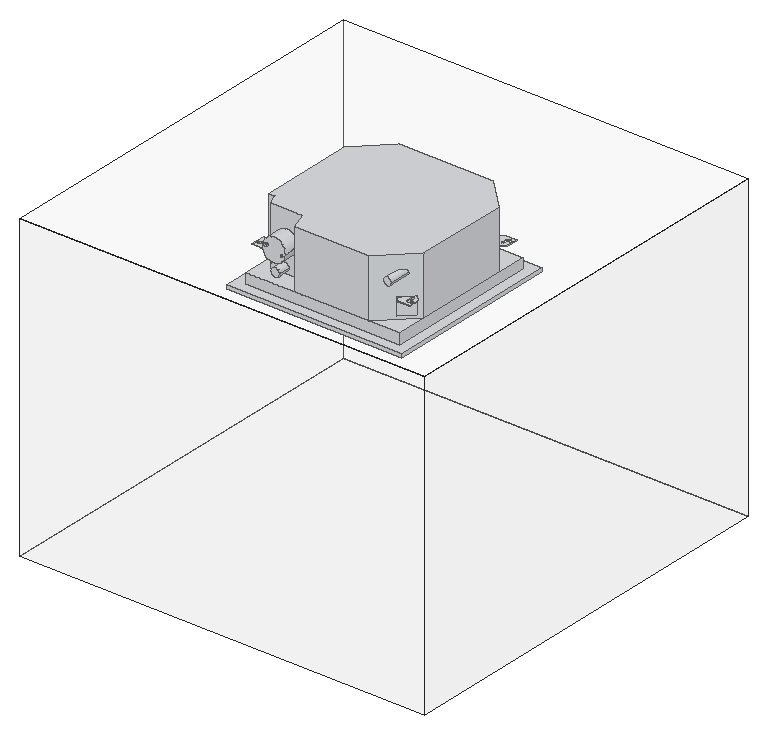
Revit family "pl-rp2880ga6_50hz", category 機械設備, Revit 2019
Family settings
  丸型コネクタ寸法 = 直径を使用
  パーツ タイプ = 標準
  OmniClass 番号 = 23.75.10.24.21.27.27
  OmniClass タイトル = Split System Air Conditioning Units
  作業面ベース = いいえ
  常に垂直 = はい
  ロード時にボイドで切り取り = いいえ
  共有 = いいえ
  部屋計算ポイント = はい
Parameters (values of type "天井4方向_PL-RP28GA6")
  風量_静 (㎥/min) = 6.3
  風量_強 (㎥/min) = 8.7
  風量_弱 (㎥/min) = 7.1
  風量_中 (㎥/min) = 7.8
  風量 = MAX風量  # 522.0 m³/h
  音響パワーレベル(dB) = [音響パワーレベル_強 (dB)]  # 50
  音響パワーレベル_静 (dB) = 47
  音響パワーレベル_強 (dB) = 50
  音響パワーレベル_弱 (dB) = 48
  音響パワーレベル_中 (dB) = 49
  電源種別 = ""
  電源_H = 0 mm
  電圧 = 0 V
  電動機出力_送風機 = 0.05 kW
  運転質量 = 0.00 kg
  連動 = ""
  質量 = if(製品質量 > 運転質量, 製品質量, 運転質量) * 1.2  # 24.72 kg
  負荷分類 = 3_ファン類
  製品質量_本体 = 17.00 kg
  製品質量_パネル = 3.60 kg
  構成品番 = "PL-RP28GA6"
  ドレン管径 (外径) = 32 mm
  ドレン管径 = 25 mm
  サービススペース = yes
  【値が 0 の項目は組合せ形名にてご確認ください】 = ""
  URL = "https://www.mitsubishielectric.co.jp/ldg/wink/ssl/top.do\"\""
  説明 = "店舗・事務所用パッケージエアコン(Mr.SLIM) [本体]4方向天井カセット形<コンパクトタイプ>"
  設計暖房能力 = 0.00 kW
  設計冷房能力_顕熱 = 0 kW
  設計冷房能力 = 0 kW
  設置方法 = "カセット形"
  記号 = ""
  製造元 = "三菱電機株式会社"
  製品質量 = 製品質量_本体 + 製品質量_パネル  # 20.60 kg
  製品出荷対象 = "国内"
  製品リリース年月 = ""
  製品グループ = ""
  系統 = ""
  符号 = "PAC-CK4"
  積算_科目 = "1 空気調和設備"
  積算_拾い区分 [instance] = ""
  相 = 1
  盤記号 = ""
  発停方法 = "付属スイッチ"
  特殊仕様 = ""
  火災停止 = ""
  消費電力_暖房 = 0.03 kW
  消費電力_冷房 = 0.03 kW
  消費電力 = if(消費電力_冷房 > 消費電力_暖房, 消費電力_冷房, 消費電力_暖房)  # 0.03 kW
  法定耐用年数 = "6"
  極数 = 1
  材質 = ""
  本体マテリアル = none
  有効加湿量 = 0
  暖房能力 = 2.80 kW
  推奨ブレーカー容量 = 0 A
  形式_加湿器 = ""
  形式 = "カセット形（4方向吹出形）"
  幹線記号 = ""
  始動方式 = "直入"
  呼称 = "パッケージ形空気調和機_室内機"
  周波数 = 50 Hz
  吊り位置Y = 507 mm
  吊り位置X = 640 mm
  吊りボルト_H = 134 mm
  台数_手元リモコン = ""
  台数_冷媒分岐ユニット = ""
  参照している仕様書等のバージョン = "公共建築工事標準仕様書（機械設備工事編）平成31年度版"
  加湿給水管径 = 0 mm
  分類コード = "5.0053E+13"
  分類グループ = ""
  冷房能力 = 2.5 kW
  冷媒高低圧ガス管径 = 0 mm
  冷媒管径符号 = "Ac"
  冷媒管径 = 100 mm
  冷媒液管高さ = 159 mm
  冷媒液管長さ = 71 mm
  冷媒液管径 = 6.4 mm
  冷媒ガス管高さ = 183 mm
  冷媒ガス管長さ = 76 mm
  冷媒ガス管径 = 12.7 mm
  企業コード = "108420"
  付属品_フィルター = ""
  付属品 = ""
  仕様書バージョン = "Version1.0"
  Model = ""
  パネルマテリアル = none
  ドレン管高さ = 227 mm
  コメント [instance] = ""
  ケーブル種類 = ""
  ケーブルサイズ = 0 mm
  Width = 670 mm
  Version = ""
  Uniclass2015Version = "Systems v1.9"
  Uniclass2015Title = "Split coil remote air cooled condensing units"
  Uniclass2015Code = "Pr_70_65_03_84"
  SpecificationReference = ""
  SpecificationDescription = ""
  Revision = ""
  ProductInformation = ""
  Panel Width = 760 mm
  Panel Height = 15 mm
  Panel Depth = 760 mm
  OmniClassCode = "23-33 17 13 11"
  MIN風量 = [風量_静 (㎥/min)] * 60.0 m³/h  # 378.0 m³/h
  MID風量2 = [風量_弱 (㎥/min)] * 60.0 m³/h  # 426.0 m³/h
  MID風量 = [風量_中 (㎥/min)] * 60.0 m³/h  # 468.0 m³/h
  MAX風量 = [風量_強 (㎥/min)] * 60.0 m³/h  # 522.0 m³/h
  IfcTypeProduct = ""
  IfcProduct = ""
  IfcExportType = "AIRCONDITIONINGUNIT"
  IfcExportAs = "IfcUnitaryEquipmentType"
  Height = 298 mm
  Depth = 670 mm
  価格 = 0
  Clearance Top = 305 mm
  Clearance Right = 500 mm
  Clearance Left = 500 mm
  Clearance Front = 500 mm
  Clearance Bottom = 1000 mm
  Clearance Back = 500 mm
  Author = "三菱電機株式会社"
Types (8, lengths in mm): name | 風量_静 (㎥/min) | 風量_強 (㎥/min) | 風量_弱 (㎥/min) | 風量_中 (㎥/min) | 風量 | 音響パワーレベル(dB) | 音響パワーレベル_静 (dB) | 音響パワーレベル_強 (dB) | 音響パワーレベル_弱 (dB) | 音響パワーレベル_中 (dB) | 構成品番 | URL | 消費電力_暖房 | 消費電力_冷房 | 消費電力 | 暖房能力 | 冷房能力 | 冷媒管径符号 | 冷媒液管長さ | 冷媒液管径 | 冷媒ガス管長さ | 冷媒ガス管径 | MIN風量 | MID風量2 | MID風量 | MAX風量
  天井4方向_PL-RP28GA6 | 6.3 | 8.7 | 7.1 | 7.8 | 522.0 m³/h | 50 | 47 | 50 | 48 | 49 | "PL-RP28GA6" | "https://www.mitsubishielectric.co.jp/ldg/wink/ssl/top.do\"\"" | 0.03 kW | 0.03 kW | 0.03 kW | 2.80 kW | 2.5 kW | "Ac" | 71 | 6.4 | 76 | 12.7 | 378.0 m³/h | 426.0 m³/h | 468.0 m³/h | 522.0 m³/h
  天井4方向_PL-RP40GA6 | 8.5 | 12 | 9 | 9.5 | 720.0 m³/h | 53 | 48 | 53 | 49 | 51 | "PL-RP40GA6" | "https://www.mitsubishielectric.co.jp/ldg/wink/ssl/top.do" | 0.03 kW | 0.03 kW | 0.03 kW | 4.00 kW | 3.6 kW | "Ac" | 71 | 6.4 | 76 | 12.7 | 510.0 m³/h | 540.0 m³/h | 570.0 m³/h | 720.0 m³/h
  天井4方向_PL-RP45GA6 | 8.5 | 12 | 9 | 9.5 | 720.0 m³/h | 53 | 48 | 53 | 49 | 51 | "PL-RP45GA6" | "https://www.mitsubishielectric.co.jp/ldg/wink/ssl/top.do" | 0.03 kW | 0.03 kW | 0.03 kW | 4.50 kW | 4 kW | "Ac" | 71 | 6.4 | 76 | 12.7 | 510.0 m³/h | 540.0 m³/h | 570.0 m³/h | 720.0 m³/h
  天井4方向_PL-RP50GA6 | 9.5 | 12.5 | 10 | 12 | 750.0 m³/h | 54 | 49 | 54 | 50 | 53 | "PL-RP50GA6" | "https://www.mitsubishielectric.co.jp/ldg/wink/ssl/top.do" | 0.03 kW | 0.03 kW | 0.03 kW | 5.00 kW | 4.5 kW | "Ac" | 71 | 6.4 | 76 | 12.7 | 570.0 m³/h | 600.0 m³/h | 720.0 m³/h | 750.0 m³/h
  天井4方向_PL-RP56GA6 | 9.5 | 14 | 10 | 12.5 | 840.0 m³/h | 56 | 49 | 56 | 50 | 54 | "PL-RP56GA6" | "https://www.mitsubishielectric.co.jp/ldg/wink/ssl/top.do" | 0.03 kW | 0.03 kW | 0.03 kW | 5.60 kW | 5 kW | "Ac" | 71 | 6.4 | 76 | 12.7 | 570.0 m³/h | 600.0 m³/h | 750.0 m³/h | 840.0 m³/h
  天井4方向_PL-RP63GA6 | 10 | 14.5 | 11.5 | 13 | 870.0 m³/h | 57 | 50 | 57 | 53 | 55 | "PL-RP63GA6" | "https://www.mitsubishielectric.co.jp/ldg/wink/ssl/top.do" | 0.04 kW | 0.04 kW | 0.04 kW | 6.30 kW | 5.6 kW | "Ac" | 71 | 6.4 | 76 | 12.7 | 600.0 m³/h | 690.0 m³/h | 780.0 m³/h | 870.0 m³/h
  天井4方向_PL-RP71GA6 | 11 | 15 | 12 | 13.5 | 900.0 m³/h | 58 | 53 | 58 | 54 | 56 | "PL-RP71GA6" | "https://www.mitsubishielectric.co.jp/ldg/wink/ssl/top.do" | 0.04 kW | 0.04 kW | 0.04 kW | 7.10 kW | 6.3 kW | "Bd" | 75 | 9.5 | 80 | 15.9 | 660.0 m³/h | 720.0 m³/h | 810.0 m³/h | 900.0 m³/h
  天井4方向_PL-RP80GA6 | 11 | 15 | 12 | 13.5 | 900.0 m³/h | 58 | 53 | 58 | 54 | 56 | "PL-RP80GA6" | "https://www.mitsubishielectric.co.jp/ldg/wink/ssl/top.do" | 0.04 kW | 0.04 kW | 0.04 kW | 8.00 kW | 7.1 kW | "Bd" | 75 | 9.5 | 80 | 15.9 | 660.0 m³/h | 720.0 m³/h | 810.0 m³/h | 900.0 m³/h
Reference planes
  plane 1 "中心(正面/背面)": y = 0
  plane 2: z = 0
  plane 3 "中心(左/右)": x = 0
  plane 4: x = -380
  plane 5: x = 380
  plane 6: y = 380
  plane 7: y = -380
  plane 8: z = 298
  plane 9: z = 305
  plane 10: x = -320
  plane 11: x = 320
  plane 12: y = 253.5
  plane 13: y = -253.5
  plane 14: z = 46
  plane 15: y = 335
  plane 16: y = -335
  plane 17: x = -335
  plane 18: x = 335
  plane 19: x = -880
  plane 20: x = 880
  plane 21: y = 880
  plane 22: y = -880
  plane 23: z = 298
  plane 24: z = -15
  plane 25: z = -1015
  plane 26: z = 305
  plane 27 "冷媒管基準面": y = -255
  plane 28: x = -186
  plane 29: z = 159
  plane 30: y = -331
  plane 31: y = -326
Forms (mm)
  Extrusion 1, solid, detail levels fine
    sketch origin (0, -255, 15) x (1, 0, 0) y (0, 0, 1)
      loop
        circle (-186, 144) r 3.175
    from 0 to 71
  Extrusion 2, solid, detail levels fine
    sketch origin (-67, -255, 39) x (1, 0, 0) y (0, 0, 1)
      loop
        circle (-186, 144) r 6.35
    from 0 to 76
Dimensions and locks
  equal spacing: plane 4, plane 3 "中心(左/右)", plane 5
  plane 4 to plane 5 = 760 mm
  equal spacing: plane 7, plane 1 "中心(正面/背面)", plane 6
  plane 7 to plane 6 = 760 mm
  locked: plane 12 to plane 6 at 126.5
  plane 7 to plane 13 = 126.5 mm
  plane 4 to plane 10 = 60 mm
  locked: plane 11 to plane 5 at 60
  "吊り位置X": plane 10 to plane 11
  equal spacing: plane 10, plane 3 "中心(左/右)", plane 11
  equal spacing: plane 13, plane 1 "中心(正面/背面)", plane 12
  "吊り位置Y": plane 13 to plane 12
  equal spacing: plane 16, plane 1 "中心(正面/背面)", plane 15
  "Depth": plane 16 to plane 15
  equal spacing: plane 17, plane 3 "中心(左/右)", plane 18
  "Width": plane 17 to plane 18
  locked: plane 14 to level at 46
  "Clearance Left": plane 19 to plane 4
  "Clearance Right": plane 5 to plane 20
  "Clearance Back": plane 6 to plane 21
  locked: level to plane 24 at 15
  "Clearance Bottom": plane 24 to plane 25
  "Clearance Front": plane 22 to plane 7
  "Clearance Top": plane 26 to plane 2
  "Height": level to nested 3
  plane 29 to plane 2 = 159 mm
  nested 3 to level = 134 mm
  "冷媒液管長さ": plane 31 to plane 27 "冷媒管基準面"
  "冷媒ガス管長さ": plane 30 to plane 27 "冷媒管基準面"
  aligned and locked: level to plane 2
  aligned and locked: plane 10 to nested 2
  aligned and locked: plane 11 to nested 2
  aligned and locked: nested 2 to plane 12
  aligned and locked: plane 13 to nested 2
  aligned and locked: plane 19 to nested 1
  aligned and locked: plane 20 to nested 1
  aligned and locked: plane 22 to nested 1
  aligned and locked: plane 21 to nested 1
  aligned and locked: plane 25 to nested 1
  aligned and locked: plane 5 to nested 3
  aligned and locked: plane 15 to nested 3
  aligned and locked: plane 6 to nested 3
  aligned and locked: plane 7 to nested 3
  aligned and locked: plane 26 to nested 1
  aligned and locked: plane 31 to Extrusion 1
  aligned and locked: plane 30 to Extrusion 2
Automatic sketch dimensions
  Extrusion 1 sketch curve to plane 28 = 0 mm
  Extrusion 1 sketch curve to plane 29 = 0 mm
  plane 29 to Extrusion 2 sketch curve = 24 mm
  plane 10 to Extrusion 2 sketch curve = 67 mm
  radius of Extrusion 1 sketch curve = 3.175 mm
  radius of Extrusion 2 sketch curve = 6.35 mm
Nested families
  nested 1: "サービススペース" at (0, 0, -355), visible <- "サービススペース", type "サービススペース"
    with Width 1760 mm, Height 1320 mm, Depth 1760 mm
  nested 2: "固定点" at (-320, -253.5, 0), type "固定点"
    with W 640 mm, D 507 mm
  nested 3: "PL-RP○○GA3" at (0, 0, 0), type "PL-RP○○GA3"
    with ユニット表示 yes
Connectors
  piping at (-219.5, -326, 171), diameter 100, driven by "冷媒管径", driven by "冷媒管径符号"
    settings: on nested 3, index 1, connector inside diameter 609.6 mm, connector length 0 mm, flow factor 0, pipe flow 0.0 L/s, pressure drop 0.0 Pa, fitting loss kfactor 0, connector angle 0.00°, fixture units 0, engagement length 0 mm, angle of deflection 0.00°, flow configuration 1, flow direction 1, fitting loss method 4, system type 7, joint type 0, gender type 0, connector reference index -1, connector utility 0, adjustable connector no, is connector primary yes, connector description "Ac"
  piping at (281, -332, 227), diameter 25, driven by "ドレン管径"
    settings: on nested 3, index 2, connector inside diameter 609.6 mm, connector length 0 mm, flow factor 0, pipe flow 0.0 L/s, pressure drop 0.0 Pa, fitting loss kfactor 0, connector angle 0.00°, fixture units 0, engagement length 0 mm, angle of deflection 0.00°, flow configuration 1, flow direction 2, fitting loss method 4, system type 16, joint type 0, gender type 0, connector reference index -1, connector utility 0, adjustable connector no, is connector primary no, connector description ""
  electrical at (-230, -305, 70), driven by "極数", driven by "負荷分類", driven by "電圧", driven by "消費電力"
    settings: on nested 3, index 3, voltage 0 V, apparent load 30 VA, apparent load phase1 0 VA, apparent load phase2 0 VA, apparent load phase3 0 VA, power factor 1, load classification "3_ファン類", number of poles 1, system type 30, power factor state 1, is connector primary yes, connector utility no, sub classification motor no, connector description ""
Definition of nested family "サービススペース"
  Parameters (values of type "サービススペース")
    Width [instance] = 500 mm
    Height [instance] = 500 mm
    Depth [instance] = 500 mm
  Reference planes
    plane 1 "中心(正面/背面)": y = 0
    plane 2: z = 0
    plane 3 "中心(左/右)": x = 0
    plane 4: y = -250
    plane 5: x = 250
    plane 6: y = 250
    plane 7: x = -250
    plane 8: z = 250
    plane 9: z = -250
  Forms (mm)
    Extrusion 1, solid
      sketch origin (-638.939, 0, 72.39) x (1, 0, 0) y (0, 1, 0)
        loop
          line (388.939, 250) -> (388.939, -250) -> (888.939, -250) -> (888.939, 250) -> (388.939, 250)
      from -322.39 to 177.61
  Lines and regions (mm)
    symbolic lines
      curve 1: line (-250, 0, 250) -> (250, 0, 250)
      curve 2: line (-250, 0, -250) -> (-250, 0, 250)
      curve 3: line (250, 0, -250) -> (-250, 0, -250)
      curve 4: line (250, 0, 250) -> (250, 0, -250)
      curve 5: line (0, -250, 250) -> (0, 250, 250)
      curve 6: line (0, -250, -250) -> (0, -250, 250)
      curve 7: line (0, 250, -250) -> (0, -250, -250)
      curve 8: line (0, 250, 250) -> (0, 250, -250)
      curve 9: line (-250, 250, 0) -> (250, 250, 0)
      curve 10: line (-250, -250, 0) -> (-250, 250, 0)
      curve 11: line (250, -250, 0) -> (-250, -250, 0)
      curve 12: line (250, 250, 0) -> (250, -250, 0)
  Dimensions and locks
    equal spacing: plane 7, plane 3 "中心(左/右)", plane 5
    equal spacing: plane 4, plane 1 "中心(正面/背面)", plane 6
    "Depth": plane 4 to plane 6
    "Width": plane 7 to plane 5
    equal spacing: plane 8, plane 2, plane 9
    "Height": plane 8 to plane 9
    aligned and locked: plane 9 to curve 3
    aligned and locked: plane 7 to curve 2
    aligned and locked: curve 4 to plane 5
    aligned and locked: plane 5 to Extrusion 1
    aligned and locked: Extrusion 1 to plane 7
    aligned and locked: Extrusion 1 to plane 9
    aligned and locked: plane 8 to Extrusion 1
    aligned and locked: plane 9 to curve 7
  Automatic sketch dimensions
    plane 4 to Extrusion 1 sketch curve = 0 mm
    Extrusion 1 sketch curve to plane 7 = 0 mm
    Extrusion 1 sketch curve to plane 5 = 0 mm
    plane 6 to Extrusion 1 sketch curve = 0 mm
    curve 2 to plane 8 = 0 mm
    plane 4 to curve 11 = 0 mm
    curve 11 to plane 7 = 0 mm
    curve 11 to plane 5 = 0 mm
    plane 6 to curve 10 = 0 mm
    curve 7 to plane 4 = 0 mm
    curve 7 to plane 6 = 0 mm
    curve 6 to plane 8 = 0 mm
Definition of nested family "PL-RP○○GA3"
  Parameters (values of type "PL-RP○○GA3")
    配線取出口サイズ = 36 mm
    配線取出口-Z = 70 mm
    配線取出口-Y = 50 mm
    配線取出口-X = 230 mm
    液配管サイズ = 6.4 mm
    A = 幅さ + 90 mm  # 760 mm
    高さ = 298 mm
    奥行き = 670 mm
    吊りボルト_H = 134 mm
    冷媒配管 = 100 mm
    冷媒液管径-Z = 159 mm
    冷媒液管径-Y = 71 mm
    冷媒液管径-X = 186 mm
    冷媒ガス管径-Z = 183 mm
    冷媒ガス管径-Y = 76 mm
    冷媒ガス管径-X = 253 mm
    ユニット表示 [instance] = yes
    ボルトピッチ = 507 mm
    ドレン配管サイズ = 32 mm
    ドレン管径-Z = 227 mm
    ドレン管径-Y = 77 mm
    ドレン管径-X = 281 mm
    ガス配管サイズ = 12.7 mm
    D = 幅さ - 30 mm  # 640 mm
    幅さ = 670 mm
    B = 幅さ + 40 mm  # 710 mm
  Reference planes
    plane 1 "中心(正面/背面)": y = 0
    plane 2: z = 0
    plane 3 "中心(左/右)": x = 0
    plane 4: x = -355
    plane 5: x = 355
    plane 6: x = -335
    plane 7: x = 335
    plane 8: x = -320
    plane 9: x = 320
    plane 10: y = 253.5
    plane 11: y = -253.5
    plane 12: y = 335
    plane 13: y = -335
    plane 14: x = -380
    plane 15: x = 380
    plane 16: z = -15
    plane 17: z = 46
    plane 18: z = 298
    plane 19: z = 134
    plane 20: z = 136
    plane 21: z = 227
    plane 22: z = 159
    plane 23: z = 183
    plane 24: z = 60
    plane 25: y = 380
    plane 26: y = -380
    plane 27: x = -253
    plane 28: x = -150
    plane 29: x = -123
    plane 30: x = -186
    plane 31: x = 281
    plane 32: x = 202
    plane 33: y = -255
    plane 34: y = -207
    plane 35: y = -331
    plane 36: y = -326
    plane 37 "ドレン管接続口": y = -332
    plane 38: y = -202
    plane 39: y = 291.5
    plane 40: y = 275.5
    plane 41: y = 263.5
    plane 42: x = -326
    plane 43: x = -314
    plane 44: x = -343
    plane 45: x = 314
    plane 46: x = 326
    plane 47: x = 343
    plane 48: y = -291.5
    plane 49: y = -275.5
    plane 50: y = -263.5
    plane 51: x = -230
    plane 52: y = 202
    plane 53: x = -202
    plane 54: z = 70
    plane 55: y = -305
  Forms (mm)
    Extrusion 1, solid, visible <- "ユニット表示"
      sketch origin (0, 0, 0) x (1, 0, 0) y (0, 1, 0)
        loop
          line (-380, 380) -> (-380, -380) -> (380, -380) -> (380, 380) -> (-380, 380)
      from -15 to 0
    Extrusion 2, solid, visible <- "ユニット表示", detail levels fine
      sketch origin (0, 0, 0) x (1, 0, 0) y (0, 1, 0)
        loop
          line (-203.39, 335) -> (-335, 203.39) -> (-335, -207) -> (-309.258, -207) -> (-288.883, -255) -> (-150, -255) -> (-123.033, -335) -> (202, -335) -> (335, -202) -> (335, 203.39) -> (203.39, 335) -> (-203.39, 335)
      from 46 to 298
    Extrusion 3, solid, visible <- "ユニット表示", detail levels fine
      sketch origin (0, 0, 0) x (1, 0, 0) y (0, 1, 0)
        loop
          line (335, 335) -> (-335, 335) -> (-335, -335) -> (335, -335) -> (335, 335)
      from 0 to 46
    Extrusion 4, solid, visible <- "ユニット表示", detail levels fine
      sketch origin (0, 0, 0) x (1, 0, 0) y (0, 0, 1)
        loop
          circle (-219.5, 171) r 50
      from 255 to 326
    Extrusion 5, solid, visible <- "ユニット表示", detail levels fine
      sketch origin (0, 0, 0) x (1, 0, 0) y (0, 1, 0)
        loop
          line (-343, -291.5) -> (-300.314, -291.5) -> (-290.686, -250.751) -> (-306.998, -212.324) -> (-343, -227.606) -> (-343, -263.5) -> (-329, -263.5)
          arc (-329, -263.5) -> (-326.879, -262.621) -> (-326, -260.5) r 3
          line (-326, -260.5) -> (-326, -249.5)
          arc (-326, -249.5) -> (-320, -243.5) -> (-314, -249.5) r 6
          line (-314, -249.5) -> (-314, -269.478)
          arc (-314, -269.478) -> (-315.757, -273.721) -> (-320, -275.5) r 6
          line (-320, -275.5) -> (-343, -275.5) -> (-343, -291.5)
        loop
          line (-343, 275.5) -> (-320, 275.5)
          arc (-320, 275.5) -> (-315.757, 273.743) -> (-314, 269.5) r 6
          line (-314, 269.5) -> (-314, 249.5)
          arc (-314, 249.5) -> (-320, 243.5) -> (-326, 249.5) r 6
          line (-326, 249.5) -> (-326, 260.5)
          arc (-326, 260.5) -> (-326.879, 262.621) -> (-329, 263.5) r 3
          line (-329, 263.5) -> (-343, 263.5) -> (-343, 244.959) -> (-318.215, 220.175) -> (-270.214, 268.176) -> (-293.539, 291.5) -> (-343, 291.5) -> (-343, 275.5)
        loop
          line (343, 291.5) -> (293.539, 291.5) -> (270.214, 268.176) -> (318.215, 220.175) -> (343, 244.959) -> (343, 263.5) -> (329, 263.5)
          arc (329, 263.5) -> (326.879, 262.621) -> (326, 260.5) r 3
          line (326, 260.5) -> (326, 249.5)
          arc (326, 249.5) -> (320, 243.5) -> (314, 249.5) r 6
          line (314, 249.5) -> (314, 269.5)
          arc (314, 269.5) -> (315.757, 273.743) -> (320, 275.5) r 6
          line (320, 275.5) -> (343, 275.5) -> (343, 291.5)
        loop
          line (293.539, -291.5) -> (343, -291.5) -> (343, -275.5) -> (320, -275.5)
          arc (320, -275.5) -> (315.757, -273.743) -> (314, -269.5) r 6
          line (314, -269.5) -> (314, -249.5)
          arc (314, -249.5) -> (320, -243.5) -> (326, -249.5) r 6
          line (326, -249.5) -> (326, -260.5)
          arc (326, -260.5) -> (326.879, -262.621) -> (329, -263.5) r 3
          line (329, -263.5) -> (343, -263.5) -> (343, -244.959) -> (317.52, -219.48) -> (269.519, -267.481) -> (293.539, -291.5)
      from 134 to 136
    Extrusion 6, solid, visible <- "ユニット表示", detail levels fine
      sketch origin (0, 0, 0) x (1, 0, 0) y (0, 1, 0)
        loop
          line (-306.998, -212.324) -> (-308.839, -213.105) -> (-291.463, -254.04) -> (-289.622, -253.258) -> (-306.998, -212.324)
        loop
          line (-271.629, 269.59) -> (-319.63, 221.589) -> (-318.245, 220.204) -> (-270.244, 268.205) -> (-271.629, 269.59)
        loop
          line (271.629, 269.59) -> (270.244, 268.205) -> (318.245, 220.204) -> (319.63, 221.589) -> (271.629, 269.59)
        loop
          line (270.934, -268.895) -> (318.935, -220.894) -> (317.52, -219.48) -> (269.519, -267.481) -> (270.934, -268.895)
      from 60 to 136
    Extrusion 7, solid, visible <- "ユニット表示", detail levels fine
      sketch origin (0, 0, 0) x (1, 0, 0) y (0, 0, 1)
        loop
          circle (-230, 70) r 18
      from 255 to 305
    Extrusion 8, solid, detail levels fine
      sketch origin (0, -332, 0) x (-1, 0, 0) y (0, 0, 1)
        loop
          circle (-281, 227) r 16
      from 0 to 100
  Cuts and joins
    joined: Extrusion 5, Extrusion 6
  Dimensions and locks
    equal spacing: plane 4, plane 3 "中心(左/右)", plane 5
    "B": plane 4 to plane 5
    equal spacing: plane 6, plane 3 "中心(左/右)", plane 7
    "幅さ": plane 6 to plane 7
    equal spacing: plane 8, plane 3 "中心(左/右)", plane 9
    "D": plane 8 to plane 9
    equal spacing: plane 11, plane 1 "中心(正面/背面)", plane 10
    "ボルトピッチ": plane 10 to plane 11
    equal spacing: plane 12, plane 1 "中心(正面/背面)", plane 13
    "奥行き": plane 12 to plane 13
    "A": plane 14 to plane 15
    equal spacing: plane 14, plane 3 "中心(左/右)", plane 15
    locked: plane 2 to plane 16 at 15
    locked: plane 17 to plane 2 at 46
    "吊りボルト_H": plane 19 to level
    locked: plane 20 to plane 19 at 2
    "ドレン管径-Z": plane 21 to level
    "冷媒液管径-Z": plane 22 to level
    "冷媒ガス管径-Z": plane 23 to level
    plane 24 to level = 60 mm
    equal spacing: plane 25, plane 1 "中心(正面/背面)", plane 26
    "A": plane 25 to plane 26
    locked: plane 6 to plane 28 at 185
    locked: plane 6 to plane 29 at 212
    locked: plane 32 to plane 7 at 133
    "冷媒ガス管径-X": plane 27 to plane 3 "中心(左/右)"
    "冷媒液管径-X": plane 30 to plane 3 "中心(左/右)"
    "ドレン管径-X": plane 3 "中心(左/右)" to plane 31
    locked: plane 33 to plane 13 at 80
    locked: plane 34 to plane 13 at 128
    "冷媒ガス管径-Y": plane 33 to plane 35
    "冷媒液管径-Y": plane 33 to plane 36
    "ドレン管径-Y": plane 33 to plane 37 "ドレン管接続口"
    locked: plane 38 to plane 13 at 133
    equal spacing: plane 30, Extrusion 4 sketch curve, plane 27
    equal spacing: plane 23, Extrusion 4 sketch curve, plane 22
    locked: plane 44 to plane 8 at 23
    plane 42 to plane 8 to plane 43 = 6 mm locked, 6 mm locked
    locked: plane 9 to plane 47 at 23
    plane 45 to plane 9 to plane 46 = 6 mm locked, 6 mm locked
    plane 11 to plane 50 to plane 49 to plane 48 = 10 mm locked, 12 mm locked, 16 mm locked
    plane 39 to plane 40 to plane 41 to plane 10 = 16 mm locked, 12 mm locked, 10 mm locked
    locked: Extrusion 5 sketch curve to plane 11 at 4  (x2)
    locked: plane 10 to Extrusion 5 sketch curve at 4  (x2)
    "配線取出口-X": plane 51 to plane 3 "中心(左/右)"
    "配線取出口-Z": plane 54 to level
    "配線取出口-Y": plane 33 to plane 55
    locked: cut or joined group of Extrusion 5, Extrusion 6 to Extrusion 6 sketch curve at 2
    locked: Extrusion 6 sketch curve to Extrusion 2 at 2  (x3)
    "高さ": plane 18 to level
    "冷媒配管": diameter of Extrusion 4 sketch curve
    radius of Extrusion 5 sketch curve = 6 mm  (x8)
    radius of Extrusion 5 sketch curve = 3 mm  (x4)
    "配線取出口サイズ": diameter of Extrusion 7 sketch curve
    aligned and locked: level to plane 2
    aligned and locked: Extrusion 1 sketch curve to plane 25
    aligned and locked: plane 14 to Extrusion 1 sketch curve
    aligned and locked: plane 26 to Extrusion 1 sketch curve
    aligned and locked: Extrusion 1 sketch curve to plane 15
    aligned and locked: level to Extrusion 1
    aligned and locked: Extrusion 1 to plane 16
    aligned and locked: plane 18 to Extrusion 2
    aligned and locked: Extrusion 2 to plane 17
    aligned and locked: Extrusion 3 sketch curve to plane 7
    aligned and locked: Extrusion 3 sketch curve to plane 13
    aligned and locked: Extrusion 3 sketch curve to plane 6
    aligned and locked: Extrusion 3 sketch curve to plane 12
    aligned and locked: Extrusion 3 to level
    aligned and locked: plane 17 to Extrusion 3
    aligned and locked: plane 28 to Extrusion 2 sketch curve
    aligned and locked: plane 34 to Extrusion 2 sketch curve
    aligned and locked: Extrusion 2 sketch curve to plane 13
    aligned and locked: Extrusion 2 sketch curve to plane 7
    aligned and locked: Extrusion 2 sketch curve to plane 12
    aligned and locked: Extrusion 2 sketch curve to plane 6
    aligned and locked: plane 7 to Extrusion 2 sketch curve
    aligned and locked: plane 38 to Extrusion 2 sketch curve
    aligned and locked: plane 32 to Extrusion 2 sketch curve
    aligned and locked: plane 13 to Extrusion 2 sketch curve
    aligned and locked: plane 44 to Extrusion 5 sketch curve  (x2)
    aligned and locked: Extrusion 5 sketch curve to plane 50
    aligned and locked: plane 49 to Extrusion 5 sketch curve
    aligned and locked: Extrusion 5 sketch curve to plane 48
    aligned and locked: plane 43 to Extrusion 5 sketch curve
    aligned and locked: plane 42 to Extrusion 5 sketch curve  (x2)
    aligned and locked: Extrusion 6 to plane 24
    aligned and locked: plane 20 to Extrusion 6
    aligned and locked: plane 39 to Extrusion 5 sketch curve  (x2)
    aligned and locked: Extrusion 5 sketch curve to plane 44  (x2)
    aligned and locked: plane 41 to Extrusion 5 sketch curve  (x2)
    aligned and locked: Extrusion 5 sketch curve to plane 40  (x2)
    aligned and locked: Extrusion 5 sketch curve to plane 43
    aligned and locked: Extrusion 5 sketch curve to Extrusion 2  (x3)
    aligned and locked: plane 47 to Extrusion 5 sketch curve  (x4)
    aligned and locked: plane 45 to Extrusion 5 sketch curve  (x2)
    aligned and locked: Extrusion 5 sketch curve to plane 46  (x2)
    aligned and locked: plane 50 to Extrusion 5 sketch curve
    aligned and locked: plane 48 to Extrusion 5 sketch curve
    aligned and locked: Extrusion 5 sketch curve to plane 49
    aligned and locked: plane 51 to Extrusion 7 sketch curve
    aligned and locked: plane 54 to Extrusion 7 sketch curve
    aligned and locked: Extrusion 7 to Extrusion 2
    aligned and locked: plane 55 to Extrusion 7
    aligned and locked: cut or joined group of Extrusion 5, Extrusion 6 to cut or joined group of Extrusion 5, Extrusion 6  (x2)
    aligned and locked: Extrusion 6 sketch curve to cut or joined group of Extrusion 5, Extrusion 6  (x3)
    aligned and locked: cut or joined group of Extrusion 5, Extrusion 6 to Extrusion 6 sketch curve  (x2)
    aligned and locked: Extrusion 2 to Extrusion 6 sketch curve
    aligned and locked: cut or joined group of Extrusion 5, Extrusion 6 to plane 19
    aligned and locked: plane 20 to cut or joined group of Extrusion 5, Extrusion 6
    aligned and locked: Extrusion 4 to plane 36
  Automatic sketch dimensions
    Extrusion 2 sketch curve to plane 33 = 0 mm
    plane 43 to Extrusion 2 sketch curve = 4.742 mm
    plane 43 to Extrusion 2 sketch curve = 25.117 mm
    Extrusion 2 sketch curve to plane 30 = 17.39 mm
    Extrusion 2 sketch curve to plane 29 = 0.033 mm
    plane 32 to Extrusion 2 sketch curve = 1.39 mm
    Extrusion 2 sketch curve to plane 10 = 50.11 mm  (x2)
    Extrusion 5 sketch curve to plane 8 = 0 mm
    Extrusion 5 sketch curve to plane 8 = 13.002 mm
    Extrusion 5 sketch curve to plane 43 = 13.686 mm
    plane 50 to Extrusion 5 sketch curve = 12.749 mm
    Extrusion 5 sketch curve to Extrusion 5 sketch curve = 9.627 mm
    Extrusion 5 sketch curve to plane 50 = 5.978 mm
    plane 34 to Extrusion 5 sketch curve = 20.606 mm
    plane 8 to Extrusion 6 sketch curve = 1.755 mm
    Extrusion 6 sketch curve to plane 11 = 0.54 mm
    Extrusion 6 sketch curve to Extrusion 6 sketch curve = 1.385 mm
    Extrusion 6 sketch curve to plane 49 = 6.605 mm
    Extrusion 6 sketch curve to plane 9 = 2.48 mm
    Extrusion 6 sketch curve to Extrusion 6 sketch curve = 1.414 mm
    Extrusion 5 sketch curve to plane 8 = 1.785 mm
    Extrusion 5 sketch curve to plane 41 = 4.676 mm  (x2)
    plane 9 to Extrusion 5 sketch curve = 1.785 mm
    Extrusion 5 sketch curve to plane 50 = 3.981 mm
    plane 9 to Extrusion 5 sketch curve = 2.48 mm
    Extrusion 8 sketch curve to plane 21 = 0 mm
    Extrusion 8 sketch curve to plane 31 = 0 mm
    radius of Extrusion 8 sketch curve = 16 mm
Definition of nested family "固定点"
  Parameters (values of type "固定点")
    中心円 = 20 mm
    W [instance] = 1000 mm
    D [instance] = 1000 mm
  Reference planes
    plane 1 "中心(正面/背面)": y = 0
    plane 2: z = 0
    plane 3 "中心(左/右)": x = 0
    plane 4: x = 1000
    plane 5: y = 1000
  Lines and regions (mm)
    symbolic lines, detail levels fine
      curve 1: circle (0, 1000, 0) r 10 normal (0, 0, 1)
      curve 2: circle (0, 0, 0) r 10 normal (0, 0, 1)
      curve 3: circle (1000, 1000, 0) r 10 normal (0, 0, 1)
      curve 4: circle (1000, 0, 0) r 10 normal (0, 0, 1)
      curve 5: line (-200, 1000, 0) -> (1200, 1000, 0)
      curve 6: line (-200, 0, 0) -> (1200, 0, 0)
      curve 7: line (0, 1200, 0) -> (0, -200, 0)
      curve 8: line (1000, 1200, 0) -> (1000, -200, 0)
  Dimensions and locks
    "W": plane 3 "中心(左/右)" to plane 4
    "D": plane 1 "中心(正面/背面)" to plane 5
    "中心円": diameter of curve 1
    "中心円": diameter of curve 2
    "中心円": diameter of curve 3
    "中心円": diameter of curve 4
    aligned and locked: level to plane 2
    aligned and locked: plane 5 to curve 1
    aligned and locked: plane 3 "中心(左/右)" to curve 1
    aligned and locked: plane 3 "中心(左/右)" to curve 2
    aligned and locked: plane 1 "中心(正面/背面)" to curve 2
    aligned and locked: plane 4 to curve 3
    aligned and locked: plane 5 to curve 3
    aligned and locked: plane 1 "中心(正面/背面)" to curve 4
    aligned and locked: plane 4 to curve 4
    aligned and locked: plane 1 "中心(正面/背面)" to curve 6
    aligned and locked: curve 7 to plane 3 "中心(左/右)"
    aligned and locked: curve 8 to plane 4
  Automatic sketch dimensions
    curve 5 to plane 5 = 0 mm
    curve 6 to plane 3 "中心(左/右)" = 200 mm
    curve 5 to plane 3 "中心(左/右)" = 200 mm
    curve 4 to curve 6 = 200 mm
    curve 3 to curve 5 = 200 mm
    plane 1 "中心(正面/背面)" to curve 8 = 200 mm
    plane 1 "中心(正面/背面)" to curve 7 = 200 mm
    curve 3 to curve 8 = 200 mm
    curve 1 to curve 7 = 200 mm
